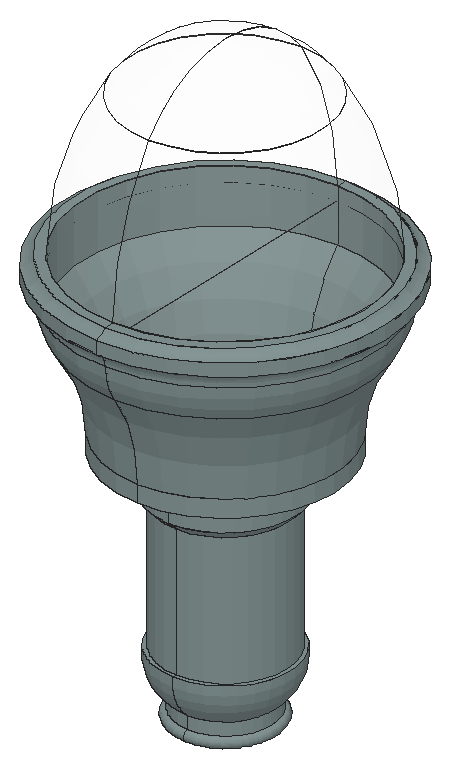
Revit family "PRMD", category Lighting Fixtures, host Face, Revit 2021
Family settings
  Host = Face
  Round Connector Dimension = Use Diameter
  Part Type = Normal
  OmniClass Number = 23.80.70.14
  OmniClass Title = Luminaries for External Lighting
  Cut with Voids When Loaded = No
  Light Source = No
  Shared = No
  Room Calculation Point = No
Parameters (values of type "PRMD - ATG")
  Wattage Comments = "50-250W"  # constant formula
  Watt [instance] = 175 W
  Voltage [instance] = 120 V
  Product Page URL = ""
  Product Documentation Link = ""
  Is Volt [instance] = Voltage : 120V
  URL = "https://www.currentlighting.com/aal"
  Photometric Web [instance] = Web PRMD : PRMD-H2-150HPS
  Horizontal Lamp [instance] = not(Vertical Lamp)  # no
  Model = "PRMD"  # constant formula
  Manufacturer = "Architectural Area Lighting"  # constant formula
  Load Classification = Lighting
  Lamp = "ED-17 & ED-18"  # constant formula
  Vertical Lamp [instance] = yes
  Glass = Glass-Frosted
  Finish = Aluminum-Antique Green
  Description = "PROMENADE – PRMD"  # constant formula
  Default Elevation = 48.000"
  Apparent Load = 0 VA
Types (14): name | Photometric Web | Horizontal Lamp | Vertical Lamp | Finish
  (no name) | Web PRMD : PRMD-H2-150HPS | no | yes | Aluminum-Antique Green
  PRMD - AWT | Web PRMD : PRMD-H2-150HPS | no | yes | Aluminum-Artic White
  PRMD - BLK | Web PRMD : PRMD-H2-150HPS | no | yes | Aluminum-Black
  PRMD - MTB | Web PRMD : PRMD-H3-175MH-LDL | no | yes | Aluminum-Matte Black
  PRMD - DGN | Web PRMD : PRMD-H3-150HPS | no | yes | Aluminum-Dark Green
  PRMD - DBZ | Web PRMD : PRMD-H3-175MH-LDL | no | yes | Aluminum-Dark Bronze
  PRMD - WRZ | Web PRMD : PRMD-H3-175MH-LDL | no | yes | Aluminum-Weathered Bronze
  PRMD - BRM | Web PRMD : PRMD-H2-150HPS | no | yes | Aluminum-Metalic Bronze
  PRMD - VBL | Web PRMD : PRMD-H3-175MH-LDL | no | yes | Aluminum-Verde Blue
  PRMD - CRT | Web PRMD : PRMD-T3-48LED-3K-700-LDL | no | yes | Aluminum-Corten
  PRMD - MAL | Web PRMD : PRMD-H3-150HPS | yes | no | Aluminum-Matte
  PRMD - MDG | Web PRMD : PRMD-H3-150HPS | no | yes | Aluminum-Medium Grey
  PRMD - ATG | Web PRMD : PRMD-H2-150HPS | no | yes | Aluminum-Antique Green
  PRMD - LGY | Web PRMD : PRMD-H3-150HPS | no | yes | Aluminum-Light Grey
Reference planes (in)
  plane 1 "Center (Front/Back)": y = 0
  plane 2: z = 0
  plane 3 "Center (Left/Right)": x = 0
  plane 4: z = 36
  plane 5: y = 9.5
  plane 6: y = -9.5
  plane 7: z = 20
Forms (in)
  Revolve 1, solid, material "Glass-Frosted" <- "Glass", visible <- "Horizontal Lamp"
    sketch origin (0, 0, 0) x (0, 1, 0) y (0, 0, 1)
      loop
        line (9, 24.17273) -> (0, 24.17273) -> (0, 23.44451) -> (9, 23.44451) -> (9, 24.17273)
      axis (0, 24.17273) -> (0, 23.44451)
    angle from 0 to 360
  Revolve 2, solid, material "Glass-Frosted" <- "Glass", visible <- "Vertical Lamp"
    sketch origin (0, 0, 0) x (0, 1, 0) y (0, 0, 1)
      loop
        arc (8.31498, 24.60291) -> (7.59946, 29.05013) -> (5.6336, 33.10293) r 15.4756
        arc (5.6336, 33.10293) -> (3.16743, 35.23329) -> (0, 36) r 6.92604
        line (0, 36) -> (0, 23.76186) -> (8.31498, 23.76186) -> (8.31498, 24.60291)
      axis (0, 36) -> (0, 23.76186)
    angle from 0 to 360
  Revolve 3, solid, material "Aluminum-Antique Green" <- "Finish"
    sketch origin (0, 0, 0) x (0, 1, 0) y (0, 0, 1)
      loop
        arc (2.75, 0) -> (3.05696, 0.30696) -> (2.75, 0.61392) r 0.30696
        line (2.75, 0.61392) -> (2.75, 1.36392)
        arc (2.75, 1.36392) -> (3.63862, 2.4734) -> (3.86853, 3.87617) r 2.80229
        line (3.86853, 3.87617) -> (3.61853, 3.87617) -> (3.61853, 11.62617) -> (4.14886, 12.1565) -> (4.14886, 13.06375)
        arc (4.14886, 13.06375) -> (5.19713, 13.86685) -> (6.46301, 14.24287) r 3.63812
        line (6.46301, 14.24287) -> (6.46301, 15.24287)
        arc (6.46301, 15.24287) -> (6.89857, 17.99287) -> (8.1626, 20.47368) r 8.89919
        arc (8.1626, 20.47368) -> (8.66115, 21.4347) -> (8.85393, 22.50004) r 3.62796
        arc (8.85393, 22.50004) -> (9.03889, 23.05807) -> (9.5, 23.42273) r 1.02516
        line (9.5, 23.42273) -> (9.5, 24.17273)
        arc (9.5, 24.17273) -> (9.15708, 24.33678) -> (8.88564, 24.60291) r 1.15963
        line (8.88564, 24.60291) -> (8.31498, 24.60291) -> (8.31498, 21.46231)
        arc (8.31498, 21.46231) -> (6.57064, 18.56752) -> (5.96301, 15.24287) r 9.39919
        line (5.96301, 15.24287) -> (0, 15.24287) -> (0, 0) -> (2.75, 0)
      axis (0, 24.60291) -> (0, 0)
    angle from 0 to 360
Dimensions and locks (in)
  locked: plane 4 to plane 2 at 36
  equal spacing: plane 5, plane 1 "Center (Front/Back)", plane 6
  plane 5 to plane 6 = 19.000"
  plane 5 to plane 1 "Center (Front/Back)" = 9.500"
  locked: plane 7 to plane 2 at 20
  aligned and locked: plane 2 to host face
  aligned and locked: level to host face
  aligned and locked: plane 1 "Center (Front/Back)" to Revolve 1 sketch curve  (x2)
  aligned and locked: plane 1 "Center (Front/Back)" to nested 2
  aligned and locked: plane 3 "Center (Left/Right)" to nested 2
  aligned and locked: plane 1 "Center (Front/Back)" to Revolve 3 sketch curve
  aligned and locked: Revolve 1 sketch curve to Revolve 3
  aligned and locked: plane 1 "Center (Front/Back)" to Revolve 2 sketch curve
Automatic sketch dimensions
  host sketch curve to host sketch curve = 96.000"  (x2)
  Revolve 3 sketch curve to Revolve 3 sketch curve = 0.000"  (x4)
  Revolve 3 sketch curve to plane 1 "Center (Front/Back)" = 0.000"
  Revolve 3 sketch curve to level = 0.000"
  Revolve 3 sketch curve to plane 5 = 0.000"
  Revolve 3 sketch curve to plane 1 "Center (Front/Back)" = 1.0786"
  level to Revolve 3 sketch curve = 1.36392"
  Revolve 3 sketch curve to plane 1 "Center (Front/Back)" = 2.750"
  Revolve 3 sketch curve to plane 1 "Center (Front/Back)" = 3.61853"
  Revolve 3 sketch curve to Revolve 3 sketch curve = 0.250"
  Revolve 3 sketch curve to Revolve 3 sketch curve = 0.53033"  (x2)
  plane 5 to Revolve 3 sketch curve = 4.27248"
  Revolve 3 sketch curve to Revolve 3 sketch curve = 1.81415"
  Revolve 3 sketch curve to Revolve 3 sketch curve = 0.500"
  plane 5 to Revolve 3 sketch curve = 2.6512"
  plane 7 to Revolve 3 sketch curve = 1.46231"
  plane 5 to Revolve 3 sketch curve = 1.18502"
  Revolve 3 sketch curve to Revolve 3 sketch curve = 0.15237"
  plane 5 to Revolve 3 sketch curve = 0.64607"
  Revolve 3 sketch curve to Revolve 3 sketch curve = 0.57066"
  Revolve 3 sketch curve to plane 5 = 0.32222"
  Revolve 3 sketch curve to plane 5 = 0.37865"
  Revolve 3 sketch curve to Revolve 3 sketch curve = 12.250"
  level to Revolve 3 sketch curve = 0.30696"
  Revolve 3 sketch curve to Revolve 3 sketch curve = 2.24928"
  Revolve 3 sketch curve to Revolve 3 sketch curve = 4.61761"
  Revolve 3 sketch curve to Revolve 3 sketch curve = 1.00091"
  Revolve 3 sketch curve to Revolve 3 sketch curve = 0.90725"
  Revolve 3 sketch curve to Revolve 3 sketch curve = 1.03774"
  Revolve 3 sketch curve to Revolve 3 sketch curve = 0.750"
  Revolve 3 sketch curve to Revolve 3 sketch curve = 0.43018"
  plane 4 to Revolve 3 sketch curve = 11.750"
  plane 5 to Revolve 1 sketch curve = 0.500"
  level to Revolve 1 sketch curve = 3.250"
  Revolve 1 sketch curve to Revolve 1 sketch curve = 0.72822"
  plane 4 to Revolve 1 sketch curve = 5.250"
  Revolve 2 sketch curve to plane 1 "Center (Front/Back)" = 0.000"
  Revolve 2 sketch curve to plane 6 = 2.34078"
  plane 5 to Revolve 2 sketch curve = 3.8664"
  plane 5 to Revolve 2 sketch curve = 1.18502"
  Revolve 2 sketch curve to plane 7 = 3.000"
  plane 7 to Revolve 2 sketch curve = 3.76186"
  plane 7 to Revolve 2 sketch curve = 4.39443"
  Revolve 2 sketch curve to plane 4 = 0.000"
  Revolve 2 sketch curve to Revolve 2 sketch curve = 5.39707"
  Revolve 2 sketch curve to Revolve 2 sketch curve = 0.84105"
Nested families (in)
  nested 1: "Voltage" at (8.73564, -35.19298, 0), type "120V"
  nested 2: "Web PRMD" at (0.23896, -0.03999, 20), type <- "Photometric Web", type "PRMD-H2-150HPS"
Connectors (in)
  electrical at (0, 0, 0), driven by "Voltage", driven by "Apparent Load"
    settings: on host face, index 1, voltage 120 V, apparent load 0 VA, apparent load phase1 0 VA, apparent load phase2 0 VA, apparent load phase3 0 VA, power factor 1, load classification "Lighting", number of poles 1, system type 30, power factor state 1, is connector primary yes, connector utility no, sub classification motor no, connector description "Electrical Connector"
Definition of nested family "Voltage"
  Parameters
    Default Elevation = 0.000"
    277V = yes
    240V = no
    208V = no
    120V = no
  Reference planes (in)
    plane 1 "Center (Front/Back)": y = 0
    plane 2: z = 0
    plane 3 "Center (Left/Right)": x = 0
  Dimensions and locks (in)
    aligned and locked: plane 2 to level
Definition of nested family "Web PRMD"
  Parameters
    Wattage Comments = ""
    Wattage = 208 W
    built-in parameter 1150110 = 1 (stored number, unit not read)
    URL = ""
    built-in parameter 1114217 = 1 (stored number, unit not read)
    Tilt Angle = -90.00°
    built-in parameter 1150109 = 1 (stored number, unit not read)
    built-in parameter 1150134 = (empty or 0)
    built-in parameter 1150113 = 1 (stored number, unit not read)
    Product Page URL = ""
    Product Documentation Link = ""
    Photometric Web File = "PRMD-T4-48LED-5K-700-HSS-NL.IES"
    Model = ""
    Manufacturer Phone = "(864)-678-1000"
    Manufacturer Fax = "(866)-898-1065"
    Manufacturer = "Hubbell Outdoor Lighting"
    built-in parameter 1150105 = 937.58 (stored number, unit not read)
    Lumens = 16900 lm
    built-in parameter 1150115 = 1 (stored number, unit not read)
    built-in parameter 1150137 = (empty or 0)
    built-in parameter 1150139 = (empty or 0)
    built-in parameter 1150112 = 1 (stored number, unit not read)
    built-in parameter 1150114 = 1 (stored number, unit not read)
    Lamp = ""
    built-in parameter 1150132 = 1
    built-in parameter 1150102 = (empty or 0)
    built-in parameter 1150107 = 5100 (stored number, unit not read)
    built-in parameter 1150138 = (empty or 0)
    built-in parameter 1150106 = 9.3758 (stored number, unit not read)
    Emit from Circle Diameter = 14.000"  # constant formula
    Emit Shape Visible in Rendering = no
    built-in parameter 1150104 = 7.5484 (stored number, unit not read)
    Dimming Lamp Color Temperature Shift = (empty or 0)
    Description = ""
    Default Elevation = 48.000"
    Color Filter = 16777215
    built-in parameter 1114218 = 1 (stored number, unit not read)
    built-in parameter 1150133 = 10 (stored number, unit not read)
  Reference planes (in)
    plane 1 "Center (Front/Back)": y = 0.03999
    plane 2: z = 0
    plane 3 "Center (Left/Right)": x = -0.23896
  Forms (in)
    Extrusion 1, solid
      sketch origin (0, 0, 0.06357) x (1, 0, 0) y (0, 1, 0)
        loop
          line (-48, 48) -> (-48, -48) -> (48, -48) -> (48, 48) -> (-48, 48)
      from -0.06357 to -6.06357
  Lines and regions (in)
    reference lines
      curve 1: line (-0.23896, 0.03999, 18.11448) -> (-0.23896, 0.03999, -22.88552)
      curve 2: line (-0.23896, 0.03999, 34) -> (-0.23896, 0.03999, -22.88552)
      curve 3: line (-0.23896, 29.03999, 0) -> (-0.23896, -29.96001, 0)
      curve 4: line (-37.23896, 0.03999, 0) -> (40.76104, 0.03999, 0)
  Dimensions and locks (in)
    aligned and locked: plane 2 to Extrusion 1
    aligned and locked: level to Extrusion 1
    aligned and locked: plane 3 "Center (Left/Right)" to imposter light
    aligned and locked: imposter light to plane 1 "Center (Front/Back)"
    aligned and locked: curve 1 to plane 3 "Center (Left/Right)"
    aligned and locked: plane 1 "Center (Front/Back)" to curve 2
    aligned and locked: curve 3 to plane 3 "Center (Left/Right)"
    aligned and locked: plane 1 "Center (Front/Back)" to curve 4
